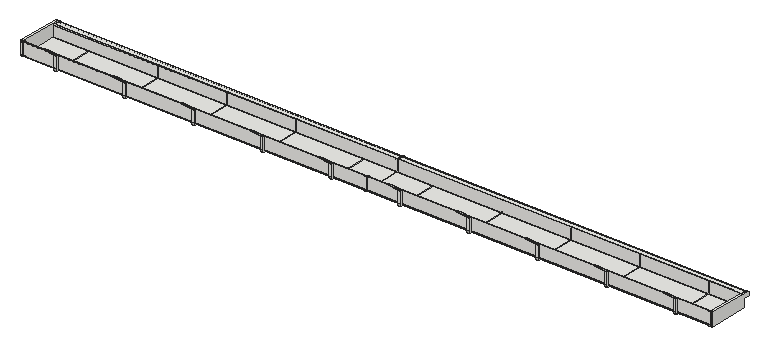
Revit family "NLRS_27_GM_LIB_Jumbo280_MR", category Generic Models, Revit 2017
Family settings
  Can host rebar = No
  Round Connector Dimension = Use Diameter
  Part Type = Normal
  Cut with Voids When Loaded = No
  Shared = No
  Room Calculation Point = No
Parameters (values of type "WIT AC 1382 ≈ RAL 9016")
  start_afstand_beugel [instance] = if([built-in parameter 1001306] < 780 mm, ([built-in parameter 1001306] / 3), 250 mm)  # 250 mm
  set_beugeltype = Jumbo 280  - beugel_G : Jumbo 280  - beugel_G
  Verstek_diepte [instance] = 322 mm  # constant formula
  URL = "https://www.meilofriks.nl/"
  Set_Condition_R = Goot_profiel_GM_LIB_R_H_eind : Goot_profiel_GM_LIB_R_H_eind
  Set_Condition_L = Goot_profiel_GM_LIB_L_H_eind : Goot_profiel_GM_LIB_L_H_eind
  NLRS_type_R [instance] = Goot_profiel_GM_LIB_R_H_eind : Goot_profiel_GM_LIB_R_H_eind
  NLRS_type_L [instance] = Goot_profiel_GM_LIB_L_H_eind : Goot_profiel_GM_LIB_L_H_eind
  NLRS_C_materiaal = RAL 9016
  NLRS_C_lengte [instance] = [built-in parameter 1001306] + Lengte_L + Lengte_R  # 5000 mm
  NLRS_C_content_datum_uitgifte = "21-12-2018"  # constant formula
  NLRS_C_content_creator = "KPMS"  # constant formula
  NLRS_C_afstand [instance] = 500 mm
  NLRS_C_aantal [instance] = aantal beugels  # 10
  Model = "Jumbo 280"  # constant formula
  Manufacturer = "Meilof Riks"  # constant formula
  Lengte_R [instance] = if(Eind_schot_R, 0 mm, Verstek_diepte)  # 0 mm
  Lengte_L [instance] = if(Eind_schot_L, 0 mm, Verstek_diepte)  # 0 mm
  Kleur = "wit (AC1382)"
  IfcExportType = ""
  IfcExportAs = "IfcFlowSegment"
  Graden beugel [instance] = 90.00° - Dakhelling  # 50.00°
  min_hoh_afstand [instance] = if([built-in parameter 1001306] < 780 mm, [built-in parameter 1001306] / 3, 510 mm)  # 510 mm
  aantal beugels [instance] = (([built-in parameter 1001306] - start_afstand_beugel * 2) / min_hoh_afstand) + 1  # 10
  built-in parameter 1001306 [instance] = 5000 mm
  Eind_schot_R [instance] = NLRS_type_R = Set_Condition_R  # yes
  Eind_schot_L [instance] = NLRS_type_L = Set_Condition_L  # yes
  Description = "Beugel goot type Jumbo 280"  # constant formula
  Dakhelling [instance] = 40.00°
  Beugel_type [instance] = Jumbo 280  - beugel_G : Jumbo 280  - beugel_G
  Beugel [instance] = if(Beugel_type = set_beugeltype, "Type Jumbo, G-beugels", "Type Jumbo, R-beugels")  # "Type Jumbo, G-beugels"
  Assembly Code = "27.16"
Types (5, lengths in mm): name | NLRS_C_materiaal | Kleur
  RAL 9006 | RAL 9006 | "zilver (RAL9006)"
  RAL 7016 | RAL 7016 | "antraciet (RAL7016)"
  RAL 9001 | RAL 9001 | "crème (RAL9001)"
  RAL 7036 | RAL 7036 | "grijs (RAL7036)"
  WIT AC 1382 ≈ RAL 9016 | RAL 9016 | "wit (AC1382)"
Reference planes
  plane 1 "Center (Front/Back)": y = 0
  plane 2: z = 0
  plane 3 "Left": x = 0
  plane 4 "Right": x = 5000
  plane 5: x = 2500
Lines and regions (mm)
  reference lines
    curve 1: line (0, 0, 0) -> (5000, 0, 0)
    curve 2: line (250, -329.639, 0) -> (250, 610.361, 0)
    curve 3: line (4750, 572.987, 0) -> (4750, -387.013, 0)
Dimensions and locks
  "built-in parameter 1001306": plane 3 "Left" to plane 4 "Right"
  equal spacing: plane 3 "Left", plane 5, plane 4 "Right"
  "start_afstand_beugel": plane 3 "Left" to curve 2
  "start_afstand_beugel": curve 3 to plane 4 "Right"
  equal spacing: group 1, group 3, group 4, group 5, group 6, group 7, group 8, group 9, group 10, group 2  (x3)
  "NLRS_C_afstand": curve 2 to nested 6
  aligned and locked: plane 4 "Right" to curve 1
  aligned and locked: plane 1 "Center (Front/Back)" to curve 1
  aligned and locked: plane 3 "Left" to curve 1
  aligned and locked: level to plane 2
  aligned and locked: plane 5 to nested 1
  aligned and locked: plane 3 "Left" to nested 1
  aligned and locked: plane 1 "Center (Front/Back)" to nested 1
  aligned and locked: curve 2 to nested 4
  aligned and locked: nested 5 to curve 3
  aligned and locked: plane 5 to nested 11
  aligned and locked: plane 4 "Right" to nested 11
  aligned and locked: plane 3 "Left" to nested 2
  aligned and locked: plane 4 "Right" to nested 3
Automatic sketch dimensions
  plane 1 "Center (Front/Back)" to curve 2 = 329.639 mm
  plane 1 "Center (Front/Back)" to curve 3 = 387.013 mm
  curve 3 to plane 1 "Center (Front/Back)" = 572.987 mm
  curve 2 to plane 1 "Center (Front/Back)" = 610.361 mm
Nested families
  nested 1: "Goot_profiel_GM_LIB_L_H_eind" at (0, 0, 0), type <- "NLRS_type_L", type "Goot_profiel_GM_LIB_L_H_eind"
    with built-in parameter 1001306 2500 mm
  nested 2: "Jumbo 280 - eindschot" at (-15, -1, -1.2), visible <- "Eind_schot_L", type "Jumbo 280 - eindschot"
  nested 3: "Jumbo 280 - eindschot" at (5015, -1, -1.2) x (-1, 0, 0) z (0, 0, 1), visible <- "Eind_schot_R", type "Jumbo 280 - eindschot"
  nested 4: "Jumbo 280  - beugel_G" at (250, -14, -6), type <- "Beugel_type", type "Jumbo 280  - beugel_G"
  nested 5: "Jumbo 280  - beugel_G" at (4750, -14, -6), type <- "Beugel_type", type "Jumbo 280  - beugel_G"
  nested 6: "Jumbo 280  - beugel_G" at (750, -14, -6), type <- "Beugel_type", type "Jumbo 280  - beugel_G"
  nested 7: "Jumbo 280  - beugel_G" at (1250, -14, -6), type <- "Beugel_type", type "Jumbo 280  - beugel_G"
  nested 8: "Jumbo 280  - beugel_G" at (1750, -14, -6), type <- "Beugel_type", type "Jumbo 280  - beugel_G"
  nested 9: "Jumbo 280  - beugel_G" at (2250, -14, -6), type <- "Beugel_type", type "Jumbo 280  - beugel_G"
  nested 10: "Jumbo 280  - beugel_G" at (2750, -14, -6), type <- "Beugel_type", type "Jumbo 280  - beugel_G"
  nested 11: "Goot_profiel_GM_LIB_R_H_eind" at (2500, 0, 0), type <- "NLRS_type_R", type "Goot_profiel_GM_LIB_R_H_eind"
    with built-in parameter 1001306 2500 mm
  nested 12: "Jumbo 280  - beugel_G" at (3250, -14, -6), type <- "Beugel_type", type "Jumbo 280  - beugel_G"
  nested 13: "Jumbo 280  - beugel_G" at (3750, -14, -6), type <- "Beugel_type", type "Jumbo 280  - beugel_G"
  nested 14: "Jumbo 280  - beugel_G" at (4250, -14, -6), type <- "Beugel_type", type "Jumbo 280  - beugel_G"
Definition of nested family "Goot_profiel_GM_LIB_L_H_eind"
  Parameters (values of type "18080_profiel_n_L_H_eind")
    diepte_profiel = 322 mm
    Material = none
    built-in parameter 1001306 [instance] = 1200 mm
  Reference planes
    plane 1 "Center (Front/Back)": y = 0
    plane 2: z = 0
    plane 3 "Left": x = 0
    plane 4 "Right": x = 1200
    plane 5: x = -322
    plane 6: y = 322
  Forms (mm)
    Sweep 1, solid, material <- "Material"
      path origin (0, 0, 0) x (1, 0, 0) y (0, 1, 0)
        loop
          line (-322, 0) -> (1200, 0)
      profile "Jumbo 280 profile : Jumbo 280 profile" origin (439, 0, 0) x (0, 1, 0) y (0, 0, 1)
        loop
          arc (3.734, 94.656) -> (1.35, 95.13) -> (0, 93.109) r 2.187
          line (0, 93.109) -> (0, 2.275)
          arc (0, 2.275) -> (0.666, 0.666) -> (2.275, 0) r 2.275
          line (2.275, 0) -> (277.771, 0)
          arc (277.771, 0) -> (279.347, 0.653) -> (280, 2.229) r 2.229
          line (280, 2.229) -> (280, 81.463)
          arc (280, 81.463) -> (280.45, 82.55) -> (281.537, 83) r 1.537
          line (281.537, 83) -> (319.033, 83)
          arc (319.033, 83) -> (320.141, 82.541) -> (320.6, 81.432) r 1.567
          line (320.6, 81.432) -> (320.6, 59.047)
          arc (320.6, 59.047) -> (319.665, 57.647) -> (318.014, 57.976) r 1.515
          line (318.014, 57.976) -> (309.774, 66.216) -> (309.208, 65.65) -> (317.449, 57.41)
          arc (317.449, 57.41) -> (319.971, 56.908) -> (321.4, 59.047) r 2.315
          line (321.4, 59.047) -> (321.4, 81.432)
          arc (321.4, 81.432) -> (320.707, 83.107) -> (319.033, 83.8) r 2.367
          line (319.033, 83.8) -> (281.537, 83.8)
          arc (281.537, 83.8) -> (279.885, 83.115) -> (279.2, 81.463) r 2.337
          line (279.2, 81.463) -> (279.2, 2.229)
          arc (279.2, 2.229) -> (278.781, 1.219) -> (277.771, 0.8) r 1.429
          line (277.771, 0.8) -> (2.275, 0.8)
          arc (2.275, 0.8) -> (1.232, 1.232) -> (0.8, 2.275) r 1.475
          line (0.8, 2.275) -> (0.8, 93.109)
          arc (0.8, 93.109) -> (1.657, 94.391) -> (3.169, 94.09) r 1.387
          line (3.169, 94.09) -> (21.842, 75.416) -> (22.408, 75.982) -> (3.734, 94.656)
    Extrusion 2, void
      sketch origin (0, 0, 0) x (1, 0, 0) y (0, 1, 0)
        loop
          line (-368.694, 322) -> (-368.694, 0) -> (0, 0) -> (0, 322) -> (-368.694, 322)
      from 0 to 250
  Cuts and joins
    Extrusion 2 cuts Sweep 1
  Lines and regions (mm)
    reference lines
      curve 1: line (0, 0, 0) -> (1200, 0, 0)
  Dimensions and locks
    "built-in parameter 1001306": plane 3 "Left" to plane 4 "Right"
    "diepte_profiel": plane 6 to plane 1 "Center (Front/Back)"
    "diepte_profiel": plane 5 to plane 3 "Left"
    aligned and locked: plane 4 "Right" to curve 1
    aligned and locked: plane 1 "Center (Front/Back)" to curve 1
    aligned and locked: plane 3 "Left" to curve 1
    aligned and locked: level to plane 2
    aligned and locked: plane 4 "Right" to Sweep 1 sketch curve
    aligned and locked: plane 5 to Sweep 1 sketch curve
    aligned and locked: plane 6 to Extrusion 2 sketch curve
    aligned and locked: Extrusion 2 sketch curve to plane 1 "Center (Front/Back)"
    aligned and locked: Extrusion 2 sketch curve to plane 3 "Left"
  Automatic sketch dimensions
    plane 5 to Extrusion 2 sketch curve = 46.694 mm
    plane 1 "Center (Front/Back)" to Sweep 1 sketch curve = 0 mm
Definition of nested family "Jumbo 280 - eindschot"
  Parameters (values of type "Jumbo 280 - eindschot")
    Material = none
  Reference planes
    plane 1 "Center (Front/Back)": y = 0
    plane 2: z = 0
    plane 3 "Center (Left/Right)": x = 0
  Forms (mm)
    Extrusion 1, solid, material <- "Material"
      sketch origin (0, 0, 1.2) x (0, 1, 0) y (0, 0, 1)
        loop
          line (320.541, 84.991) -> (3.366, 96.503)
          arc (3.366, 96.503) -> (0.993, 95.595) -> (0, 93.257) r 3.248
          line (0, 93.257) -> (0, 2.169)
          arc (0, 2.169) -> (0.987, -0.213) -> (3.369, -1.2) r 3.369
          line (3.369, -1.2) -> (280.343, -1.2)
          arc (280.343, -1.2) -> (281.868, -0.568) -> (282.5, 0.957) r 2.157
          line (282.5, 0.957) -> (282.5, 53.861)
          arc (282.5, 53.861) -> (282.983, 55.027) -> (284.15, 55.51) r 1.65
          line (284.15, 55.51) -> (320.487, 55.51)
          arc (320.487, 55.51) -> (322.9, 56.51) -> (323.9, 58.923) r 3.413
          line (323.9, 58.923) -> (323.9, 81.508)
          arc (323.9, 81.508) -> (322.923, 83.927) -> (320.541, 84.991) r 3.485
      from 0 to 15
  Dimensions and locks
    aligned and locked: level to plane 2
Definition of nested family "Jumbo 280  - beugel_G"
  Parameters (values of type "Jumbo 280  - beugel_G")
    Material = none
    Dakhelling = 40.00°
  Reference planes
    plane 1 "Center (Front/Back)": y = 0
    plane 2: z = 0
    plane 3 "Center (Left/Right)": x = 0
  Forms (mm)
    Sweep 1, solid, material <- "Material"
      path origin (-483.304, -0.235, 0) x (1, 0, 0) y (0, 1, 0)
        loop
          line (473.304, 0.235) -> (493.304, 0.235)
      profile "Jumbo 280 - G beugel profile : Jumbo 280 - G beugel profile" origin (0, 0, 0) x (0, 1, 0) y (0, 0, 1)
        loop
          line (292, 6) -> (11, 6)
          arc (11, 6) -> (7.464, 7.464) -> (6, 11) r 5
          line (6, 11) -> (6, 102.004)
          arc (6, 102.004) -> (5.64, 103.63) -> (4.626, 104.951) r 3.847
          line (4.626, 104.951) -> (-83.889, 179.224) -> (-87.746, 174.628) -> (0, 101) -> (0, 11)
          arc (0, 11) -> (3.222, 3.222) -> (11, 0) r 11
          line (11, 0) -> (292, 0)
          arc (292, 0) -> (299.778, 3.222) -> (303, 11) r 11
          line (303, 11) -> (303, 73.512)
          arc (303, 73.512) -> (305.236, 77.807) -> (310.037, 78.439) r 5.243
          line (310.037, 78.439) -> (331.702, 70.553) -> (333.754, 76.191) -> (312.089, 84.077)
          arc (312.089, 84.077) -> (301.794, 82.722) -> (297, 73.512) r 11.243
          line (297, 73.512) -> (297, 11)
          arc (297, 11) -> (295.536, 7.464) -> (292, 6) r 5
  Dimensions and locks
    Sweep 1 sketch curve to Sweep 1 sketch curve = 20 mm  (x2)
    aligned and locked: level to plane 2
Definition of nested family "Goot_profiel_GM_LIB_R_H_eind"
  Parameters (values of type "18080_profiel_n_R_H_eind")
    diepte_profiel = 322 mm
    Material = none
    built-in parameter 1001306 [instance] = 1200 mm
  Reference planes
    plane 1 "Center (Front/Back)": y = 0
    plane 2: z = 0
    plane 3 "Left": x = 0
    plane 4 "Right": x = 1200
    plane 5: x = 1522
    plane 6: y = 322
  Forms (mm)
    Sweep 1, solid, material <- "Material"
      path origin (0, 0, 0) x (1, 0, 0) y (0, 1, 0)
        loop
          line (0, 0) -> (1522, 0)
      profile "Jumbo 280 profile : Jumbo 280 profile" origin (761, 0, 0) x (0, 1, 0) y (0, 0, 1)
        loop
          arc (3.734, 94.656) -> (1.35, 95.13) -> (0, 93.109) r 2.187
          line (0, 93.109) -> (0, 2.275)
          arc (0, 2.275) -> (0.666, 0.666) -> (2.275, 0) r 2.275
          line (2.275, 0) -> (277.771, 0)
          arc (277.771, 0) -> (279.347, 0.653) -> (280, 2.229) r 2.229
          line (280, 2.229) -> (280, 81.463)
          arc (280, 81.463) -> (280.45, 82.55) -> (281.537, 83) r 1.537
          line (281.537, 83) -> (319.033, 83)
          arc (319.033, 83) -> (320.141, 82.541) -> (320.6, 81.432) r 1.567
          line (320.6, 81.432) -> (320.6, 59.047)
          arc (320.6, 59.047) -> (319.665, 57.647) -> (318.014, 57.976) r 1.515
          line (318.014, 57.976) -> (309.774, 66.216) -> (309.208, 65.65) -> (317.449, 57.41)
          arc (317.449, 57.41) -> (319.971, 56.908) -> (321.4, 59.047) r 2.315
          line (321.4, 59.047) -> (321.4, 81.432)
          arc (321.4, 81.432) -> (320.707, 83.107) -> (319.033, 83.8) r 2.367
          line (319.033, 83.8) -> (281.537, 83.8)
          arc (281.537, 83.8) -> (279.885, 83.115) -> (279.2, 81.463) r 2.337
          line (279.2, 81.463) -> (279.2, 2.229)
          arc (279.2, 2.229) -> (278.781, 1.219) -> (277.771, 0.8) r 1.429
          line (277.771, 0.8) -> (2.275, 0.8)
          arc (2.275, 0.8) -> (1.232, 1.232) -> (0.8, 2.275) r 1.475
          line (0.8, 2.275) -> (0.8, 93.109)
          arc (0.8, 93.109) -> (1.657, 94.391) -> (3.169, 94.09) r 1.387
          line (3.169, 94.09) -> (21.842, 75.416) -> (22.408, 75.982) -> (3.734, 94.656)
    Extrusion 2, void
      sketch origin (0, 0, 0) x (1, 0, 0) y (0, 1, 0)
        loop
          line (1200, 322) -> (1200, 0) -> (1620, 0) -> (1620, 322) -> (1200, 322)
      from 0 to 250
  Cuts and joins
    Extrusion 2 cuts Sweep 1
  Lines and regions (mm)
    reference lines
      curve 1: line (0, 0, 0) -> (1200, 0, 0)
    model lines
      curve 2: line (0, 0, 0) -> (1200, 0, 0)
  Dimensions and locks
    "built-in parameter 1001306": plane 3 "Left" to plane 4 "Right"
    "diepte_profiel": plane 1 "Center (Front/Back)" to plane 6
    "diepte_profiel": plane 4 "Right" to plane 5
    "diepte_profiel": plane 6 to plane 1 "Center (Front/Back)"
    aligned and locked: plane 4 "Right" to curve 1
    aligned and locked: plane 1 "Center (Front/Back)" to curve 1
    aligned and locked: plane 3 "Left" to curve 1
    aligned and locked: level to plane 2
    aligned and locked: curve 2 to curve 1
    aligned and locked: Sweep 1 sketch curve to curve 2
    aligned and locked: plane 5 to Sweep 1 sketch curve
    aligned and locked: plane 3 "Left" to Sweep 1 sketch curve
    aligned and locked: plane 4 "Right" to Extrusion 2 sketch curve
    aligned and locked: Extrusion 2 sketch curve to plane 6
    aligned and locked: Extrusion 2 sketch curve to plane 1 "Center (Front/Back)"
  Automatic sketch dimensions
    curve 2 to plane 3 "Left" = 0 mm
    curve 2 to plane 4 "Right" = 0 mm
    plane 5 to Extrusion 2 sketch curve = 98 mm
